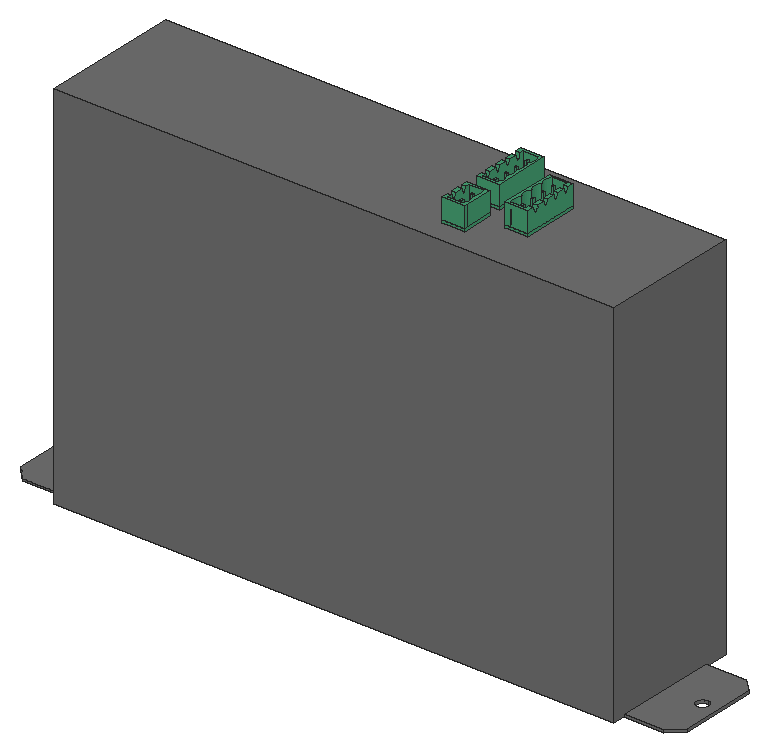
Revit family "БА220_RV17_LOD400 (04.11.23)", category Электрооборудование, Revit 2017
Family settings
  Конфигурация панели = Два столбца, слева направо
  Размер круглого соединителя = Использовать диаметр
  Тип детали = Щит
  На основе рабочей плоскости = Да
  Всегда вертикально = Нет
  При загрузке вырезать с полостями = Нет
  Общий = Нет
  Точка расчета площади = Нет
Parameters (values of type "БА220")
  Смещение_УГО_Y [instance] = 0 mm
  Смещение_УГО_X [instance] = 0 mm
  Раздел проекта [instance] = ""
  Раздел Спецификации [instance] = ""
  Потребляемый ток, не более, А = 0.8 A
  Default Elevation = 1219.2 mm
  Напряжение = "220"
  Мощность = "50"
  Коэффициент усиления по напряжению Au, дБ = 34
  Количество аудиоканалов, шт = 2
  Долговременная выходная мощность, Вт = "2 х 25"
  Диапазон воспроизводимых частот, Гц = "20... 20000"
  Время непрерывной работы, ч = "круглосуточно"
  В_Смещение_УГО_Y [instance] = Смещение_УГО_Y + 2000 mm  # 2000 mm
  В_Смещение_УГО_X [instance] = Смещение_УГО_X + 2000 mm  # 2000 mm
  d_короба = 20 mm
  ADSK_Размер_Длина = 262 mm
  ADSK_Размер_Глубина = 155 mm
  ADSK_Размер_Высота = 55 mm
  ADSK_Примечание = ""
  ADSK_Наименование = "Трансляционный аудиоусилитель БА220"
  ADSK_Масса = 1.2
  ADSK_Марка = "СТВФ.426471.016"
  ADSK_Количество = 1
  ADSK_Завод-изготовитель = "ООО «Основа Безопасности»"  # constant formula
  ADSK_Единица измерения = "шт."  # constant formula
  ADSK_URL страницы изделия = "https://stilsoft.ru/products/ba220"
  ADSK_URL документации изделия = ""
Reference planes
  plane 1 "По центру (Вперед/Назад)": y = 0
  plane 2: z = 0
  plane 3 "По центру (Влево/Вправо)": x = 0
  plane 4: y = 2000
  plane 5: x = -2000
  plane 6: x = 0
  plane 7: y = 0
  plane 8: x = 131
  plane 9: x = -131
  plane 10: x = 110
  plane 11: x = -110
  plane 12: y = 27.5
  plane 13: y = -27.5
  plane 14: z = 155
Forms (mm)
  Extrusion 1, solid, material "По умолчанию", detail levels medium+fine
    sketch origin (0, 27.5, 0) x (0, -1, 0) y (1, 0, 0)
      loop
        line (55, -110) -> (55, 110) -> (0, 110) -> (0, -110) -> (55, -110)
    from 0 to 146
  Extrusion 2, solid, material "По умолчанию", detail levels medium+fine
    sketch origin (0, 27.5, 0) x (0, -1, 0) y (1, 0, 0)
      loop
        line (50, -110) -> (10, -110) -> (10, -125.964) -> (15.036, -131) -> (44.964, -131) -> (50, -125.964) -> (50, -110)
      loop
        circle (30, -125.065) r 2.432
      loop
        line (50, 110) -> (50, 125.964) -> (44.964, 131) -> (15.036, 131) -> (10, 125.964) -> (10, 110) -> (50, 110)
      loop
        circle (30, 125.065) r 2.432
    from 0 to 1
  Extrusion 3, solid, material "соединения", detail levels medium+fine
    sketch origin (42.726, 19.394, 146) x (0, 1, 0) y (-1, 0, 0)
      loop
        line (-28.234, -9.848) -> (-28.234, -18.848) -> (-6.234, -18.848) -> (-6.234, -9.848) -> (-28.234, -9.848)
    from 0 to 1
  Extrusion 4, solid, material "соединения", detail levels medium+fine
    sketch origin (42.726, 19.394, 146) x (0, 1, 0) y (-1, 0, 0)
      loop
        line (-28.234, -9.848) -> (-28.234, -18.848) -> (-6.234, -18.848) -> (-6.234, -11.801) -> (-6.234, -9.848) -> (-28.234, -9.848)
      loop
        arc (-7.263, -11.395) -> (-9.763, -10.688) -> (-12.263, -11.395) r 4.778
        arc (-12.263, -11.395) -> (-14.763, -10.688) -> (-17.263, -11.395) r 4.778
        arc (-17.263, -11.395) -> (-19.763, -10.688) -> (-22.263, -11.395) r 4.778
        arc (-22.263, -11.395) -> (-24.763, -10.688) -> (-27.263, -11.395) r 4.778
        line (-27.263, -11.395) -> (-27.263, -17.258) -> (-7.263, -17.258) -> (-7.263, -11.395)
    from 1 to 9
  Blend 5, solid, material "соединения", detail levels medium+fine
    base sketch origin (42.726, 19.394, 146) x (0, 1, 0) y (-1, 0, 0)
      loop
        circle (-24.763, -13.973) r 1.379
    top sketch origin (42.726, 19.394, 146) x (0, 1, 0) y (-1, 0, 0)
      loop
        circle (-24.763, -13.973) r 0.948
    from 1 to 3
  Blend 6, solid, material "соединения", detail levels medium+fine
    base sketch origin (42.726, 24.394, 146) x (0, 1, 0) y (-1, 0, 0)
      loop
        circle (-24.763, -13.973) r 1.379
    top sketch origin (42.726, 24.394, 146) x (0, 1, 0) y (-1, 0, 0)
      loop
        circle (-24.763, -13.973) r 0.948
    from 1 to 3
  Blend 7, solid, material "соединения", detail levels medium+fine
    base sketch origin (42.726, 29.394, 146) x (0, 1, 0) y (-1, 0, 0)
      loop
        circle (-24.763, -13.973) r 1.379
    top sketch origin (42.726, 29.394, 146) x (0, 1, 0) y (-1, 0, 0)
      loop
        circle (-24.763, -13.973) r 0.948
    from 1 to 3
  Blend 8, solid, material "соединения", detail levels medium+fine
    base sketch origin (42.726, 19.394, 146) x (0, 1, 0) y (-1, 0, 0)
      loop
        line (-25.215, -14.422) -> (-24.289, -14.422) -> (-24.289, -13.499) -> (-25.215, -13.499) -> (-25.215, -14.422)
    top sketch origin (42.726, 19.394, 146) x (0, 1, 0) y (-1, 0, 0)
      loop
        line (-25.145, -14.337) -> (-24.343, -14.337) -> (-24.343, -13.551) -> (-25.145, -13.551) -> (-25.145, -14.337)
    from 3 to 8
  Blend 9, solid, material "соединения", detail levels medium+fine
    base sketch origin (42.726, 24.394, 146) x (0, 1, 0) y (-1, 0, 0)
      loop
        line (-25.215, -14.422) -> (-24.289, -14.422) -> (-24.289, -13.499) -> (-25.215, -13.499) -> (-25.215, -14.422)
    top sketch origin (42.726, 24.394, 146) x (0, 1, 0) y (-1, 0, 0)
      loop
        line (-25.145, -14.337) -> (-24.343, -14.337) -> (-24.343, -13.551) -> (-25.145, -13.551) -> (-25.145, -14.337)
    from 3 to 8
  Blend 10, solid, material "соединения", detail levels medium+fine
    base sketch origin (42.726, 29.394, 146) x (0, 1, 0) y (-1, 0, 0)
      loop
        line (-25.215, -14.422) -> (-24.289, -14.422) -> (-24.289, -13.499) -> (-25.215, -13.499) -> (-25.215, -14.422)
    top sketch origin (42.726, 29.394, 146) x (0, 1, 0) y (-1, 0, 0)
      loop
        line (-25.145, -14.337) -> (-24.343, -14.337) -> (-24.343, -13.551) -> (-25.145, -13.551) -> (-25.145, -14.337)
    from 3 to 8
  Blend 11, void, detail levels medium+fine
    base sketch origin (42.726, 24.394, 146) x (0, 1, 0) y (-1, 0, 0)
      loop
        line (-15.72, -18.848) -> (-13.723, -18.848) -> (-13.723, -17.258) -> (-15.72, -17.258) -> (-15.72, -18.848)
    top sketch origin (42.726, 24.394, 146) x (0, 1, 0) y (-1, 0, 0)
      loop
        line (-15.213, -18.848) -> (-14.166, -18.848) -> (-14.166, -17.258) -> (-15.213, -17.258) -> (-15.213, -18.848)
    from 9 to 7
  Blend 12, solid, material "соединения", detail levels medium+fine
    base sketch origin (42.726, 34.394, 146) x (0, 1, 0) y (-1, 0, 0)
      loop
        circle (-24.763, -13.973) r 1.379
    top sketch origin (42.726, 34.394, 146) x (0, 1, 0) y (-1, 0, 0)
      loop
        circle (-24.763, -13.973) r 0.948
    from 1 to 3
  Blend 13, solid, material "соединения", detail levels medium+fine
    base sketch origin (42.726, 34.394, 146) x (0, 1, 0) y (-1, 0, 0)
      loop
        line (-25.215, -14.422) -> (-24.289, -14.422) -> (-24.289, -13.499) -> (-25.215, -13.499) -> (-25.215, -14.422)
    top sketch origin (42.726, 34.394, 146) x (0, 1, 0) y (-1, 0, 0)
      loop
        line (-25.145, -14.337) -> (-24.343, -14.337) -> (-24.343, -13.551) -> (-25.145, -13.551) -> (-25.145, -14.337)
    from 3 to 8
  Blend 14, void, detail levels medium+fine
    base sketch origin (42.726, 19.394, 146) x (0, 1, 0) y (-1, 0, 0)
      loop
        line (-15.72, -18.848) -> (-13.723, -18.848) -> (-13.723, -17.258) -> (-15.72, -17.258) -> (-15.72, -18.848)
    top sketch origin (42.726, 19.394, 146) x (0, 1, 0) y (-1, 0, 0)
      loop
        line (-15.213, -18.848) -> (-14.166, -18.848) -> (-14.166, -17.258) -> (-15.213, -17.258) -> (-15.213, -18.848)
    from 9 to 7
  Blend 15, void, detail levels medium+fine
    base sketch origin (42.726, 14.394, 146) x (0, 1, 0) y (-1, 0, 0)
      loop
        line (-15.72, -18.848) -> (-13.723, -18.848) -> (-13.723, -17.258) -> (-15.72, -17.258) -> (-15.72, -18.848)
    top sketch origin (42.726, 14.394, 146) x (0, 1, 0) y (-1, 0, 0)
      loop
        line (-15.213, -18.848) -> (-14.166, -18.848) -> (-14.166, -17.258) -> (-15.213, -17.258) -> (-15.213, -18.848)
    from 9 to 7
  Blend 16, void, detail levels medium+fine
    base sketch origin (42.726, 9.394, 146) x (0, 1, 0) y (-1, 0, 0)
      loop
        line (-15.72, -18.848) -> (-13.723, -18.848) -> (-13.723, -17.258) -> (-15.72, -17.258) -> (-15.72, -18.848)
    top sketch origin (42.726, 9.394, 146) x (0, 1, 0) y (-1, 0, 0)
      loop
        line (-15.213, -18.848) -> (-14.166, -18.848) -> (-14.166, -17.258) -> (-15.213, -17.258) -> (-15.213, -18.848)
    from 9 to 7
  Extrusion 17, solid, material "соединения", detail levels medium+fine
    sketch origin (54.236, 26.753, 146) x (0, 1, 0) y (-1, 0, 0)
      loop
        line (-28.234, 9.848) -> (-6.234, 9.848) -> (-6.234, 18.848) -> (-28.234, 18.848) -> (-28.234, 9.848)
    from 0 to 1
  Extrusion 18, solid, material "соединения", detail levels medium+fine
    sketch origin (54.236, 26.753, 146) x (0, 1, 0) y (-1, 0, 0)
      loop
        line (-28.234, 9.848) -> (-6.234, 9.848) -> (-6.234, 11.801) -> (-6.234, 18.848) -> (-28.234, 18.848) -> (-28.234, 9.848)
      loop
        line (-7.263, 11.395) -> (-7.263, 17.258) -> (-27.263, 17.258) -> (-27.263, 11.395)
        arc (-27.263, 11.395) -> (-24.763, 10.688) -> (-22.263, 11.395) r 4.778
        arc (-22.263, 11.395) -> (-19.763, 10.688) -> (-17.263, 11.395) r 4.778
        arc (-17.263, 11.395) -> (-14.763, 10.688) -> (-12.263, 11.395) r 4.778
        arc (-12.263, 11.395) -> (-9.763, 10.688) -> (-7.263, 11.395) r 4.778
    from 1 to 9
  Blend 19, solid, material "соединения", detail levels medium+fine
    base sketch origin (54.236, 26.753, 146) x (0, 1, 0) y (-1, 0, 0)
      loop
        circle (-24.763, 13.973) r 1.379
    top sketch origin (54.236, 26.753, 146) x (0, 1, 0) y (-1, 0, 0)
      loop
        circle (-24.763, 13.973) r 0.948
    from 1 to 3
  Blend 20, solid, material "соединения", detail levels medium+fine
    base sketch origin (54.236, 31.753, 146) x (0, 1, 0) y (-1, 0, 0)
      loop
        circle (-24.763, 13.973) r 1.379
    top sketch origin (54.236, 31.753, 146) x (0, 1, 0) y (-1, 0, 0)
      loop
        circle (-24.763, 13.973) r 0.948
    from 1 to 3
  Blend 21, solid, material "соединения", detail levels medium+fine
    base sketch origin (54.236, 36.753, 146) x (0, 1, 0) y (-1, 0, 0)
      loop
        circle (-24.763, 13.973) r 1.379
    top sketch origin (54.236, 36.753, 146) x (0, 1, 0) y (-1, 0, 0)
      loop
        circle (-24.763, 13.973) r 0.948
    from 1 to 3
  Blend 22, solid, material "соединения", detail levels medium+fine
    base sketch origin (54.236, 26.753, 146) x (0, 1, 0) y (-1, 0, 0)
      loop
        line (-25.215, 14.422) -> (-25.215, 13.499) -> (-24.289, 13.499) -> (-24.289, 14.422) -> (-25.215, 14.422)
    top sketch origin (54.236, 26.753, 146) x (0, 1, 0) y (-1, 0, 0)
      loop
        line (-25.145, 14.337) -> (-25.145, 13.551) -> (-24.343, 13.551) -> (-24.343, 14.337) -> (-25.145, 14.337)
    from 3 to 8
  Blend 23, solid, material "соединения", detail levels medium+fine
    base sketch origin (54.236, 31.753, 146) x (0, 1, 0) y (-1, 0, 0)
      loop
        line (-25.215, 14.422) -> (-25.215, 13.499) -> (-24.289, 13.499) -> (-24.289, 14.422) -> (-25.215, 14.422)
    top sketch origin (54.236, 31.753, 146) x (0, 1, 0) y (-1, 0, 0)
      loop
        line (-25.145, 14.337) -> (-25.145, 13.551) -> (-24.343, 13.551) -> (-24.343, 14.337) -> (-25.145, 14.337)
    from 3 to 8
  Blend 24, solid, material "соединения", detail levels medium+fine
    base sketch origin (54.236, 36.753, 146) x (0, 1, 0) y (-1, 0, 0)
      loop
        line (-25.215, 14.422) -> (-25.215, 13.499) -> (-24.289, 13.499) -> (-24.289, 14.422) -> (-25.215, 14.422)
    top sketch origin (54.236, 36.753, 146) x (0, 1, 0) y (-1, 0, 0)
      loop
        line (-25.145, 14.337) -> (-25.145, 13.551) -> (-24.343, 13.551) -> (-24.343, 14.337) -> (-25.145, 14.337)
    from 3 to 8
  Blend 25, void, detail levels medium+fine
    base sketch origin (54.236, 31.753, 146) x (0, 1, 0) y (-1, 0, 0)
      loop
        line (-15.72, 18.848) -> (-15.72, 17.258) -> (-13.723, 17.258) -> (-13.723, 18.848) -> (-15.72, 18.848)
    top sketch origin (54.236, 31.753, 146) x (0, 1, 0) y (-1, 0, 0)
      loop
        line (-15.213, 18.848) -> (-15.213, 17.258) -> (-14.166, 17.258) -> (-14.166, 18.848) -> (-15.213, 18.848)
    from 9 to 7
  Blend 26, solid, material "соединения", detail levels medium+fine
    base sketch origin (54.236, 41.753, 146) x (0, 1, 0) y (-1, 0, 0)
      loop
        circle (-24.763, 13.973) r 1.379
    top sketch origin (54.236, 41.753, 146) x (0, 1, 0) y (-1, 0, 0)
      loop
        circle (-24.763, 13.973) r 0.948
    from 1 to 3
  Blend 27, solid, material "соединения", detail levels medium+fine
    base sketch origin (54.236, 41.753, 146) x (0, 1, 0) y (-1, 0, 0)
      loop
        line (-25.215, 14.422) -> (-25.215, 13.499) -> (-24.289, 13.499) -> (-24.289, 14.422) -> (-25.215, 14.422)
    top sketch origin (54.236, 41.753, 146) x (0, 1, 0) y (-1, 0, 0)
      loop
        line (-25.145, 14.337) -> (-25.145, 13.551) -> (-24.343, 13.551) -> (-24.343, 14.337) -> (-25.145, 14.337)
    from 3 to 8
  Blend 28, void, detail levels medium+fine
    base sketch origin (54.236, 26.753, 146) x (0, 1, 0) y (-1, 0, 0)
      loop
        line (-15.72, 18.848) -> (-15.72, 17.258) -> (-13.723, 17.258) -> (-13.723, 18.848) -> (-15.72, 18.848)
    top sketch origin (54.236, 26.753, 146) x (0, 1, 0) y (-1, 0, 0)
      loop
        line (-15.213, 18.848) -> (-15.213, 17.258) -> (-14.166, 17.258) -> (-14.166, 18.848) -> (-15.213, 18.848)
    from 9 to 7
  Blend 29, void, detail levels medium+fine
    base sketch origin (54.236, 21.753, 146) x (0, 1, 0) y (-1, 0, 0)
      loop
        line (-15.72, 18.848) -> (-15.72, 17.258) -> (-13.723, 17.258) -> (-13.723, 18.848) -> (-15.72, 18.848)
    top sketch origin (54.236, 21.753, 146) x (0, 1, 0) y (-1, 0, 0)
      loop
        line (-15.213, 18.848) -> (-15.213, 17.258) -> (-14.166, 17.258) -> (-14.166, 18.848) -> (-15.213, 18.848)
    from 9 to 7
  Blend 30, void, detail levels medium+fine
    base sketch origin (54.236, 16.753, 146) x (0, 1, 0) y (-1, 0, 0)
      loop
        line (-15.72, 18.848) -> (-15.72, 17.258) -> (-13.723, 17.258) -> (-13.723, 18.848) -> (-15.72, 18.848)
    top sketch origin (54.236, 16.753, 146) x (0, 1, 0) y (-1, 0, 0)
      loop
        line (-15.213, 18.848) -> (-15.213, 17.258) -> (-14.166, 17.258) -> (-14.166, 18.848) -> (-15.213, 18.848)
    from 9 to 7
  Extrusion 31, solid, material "соединения", detail levels medium+fine
    sketch origin (54.236, 0.014, 146) x (0, 1, 0) y (-1, 0, 0)
      loop
        line (-18.493, 9.848) -> (-6.234, 9.848) -> (-6.234, 18.848) -> (-18.493, 18.848) -> (-18.493, 9.848)
    from 0 to 1
  Extrusion 32, solid, material "соединения", detail levels medium+fine
    sketch origin (54.236, 0.014, 146) x (0, 1, 0) y (-1, 0, 0)
      loop
        line (-6.234, 18.848) -> (-17.452, 18.848) -> (-18.493, 18.848) -> (-18.493, 9.848) -> (-17.452, 9.848) -> (-6.234, 9.848) -> (-6.234, 11.801) -> (-6.234, 18.848)
      loop
        line (-7.278, 11.417) -> (-7.278, 17.258) -> (-17.452, 17.258) -> (-17.452, 11.517)
        arc (-17.452, 11.517) -> (-14.898, 10.736) -> (-12.322, 11.444) r 4.791
        arc (-12.322, 11.444) -> (-9.803, 10.711) -> (-7.278, 11.417) r 4.78
    from 1 to 9
  Blend 33, solid, material "соединения", detail levels medium+fine
    base sketch origin (54.236, 10.014, 146) x (0, 1, 0) y (-1, 0, 0)
      loop
        circle (-24.763, 13.973) r 1.379
    top sketch origin (54.236, 10.014, 146) x (0, 1, 0) y (-1, 0, 0)
      loop
        circle (-24.763, 13.973) r 0.948
    from 1 to 3
  Blend 34, solid, material "соединения", detail levels medium+fine
    base sketch origin (54.236, 10.014, 146) x (0, 1, 0) y (-1, 0, 0)
      loop
        line (-25.215, 14.422) -> (-25.215, 13.499) -> (-24.289, 13.499) -> (-24.289, 14.422) -> (-25.215, 14.422)
    top sketch origin (54.236, 10.014, 146) x (0, 1, 0) y (-1, 0, 0)
      loop
        line (-25.145, 14.337) -> (-25.145, 13.551) -> (-24.343, 13.551) -> (-24.343, 14.337) -> (-25.145, 14.337)
    from 3 to 8
  Blend 35, void, detail levels medium+fine
    base sketch origin (54.236, 5.014, 146) x (0, 1, 0) y (-1, 0, 0)
      loop
        line (-15.72, 18.848) -> (-15.72, 17.258) -> (-13.723, 17.258) -> (-13.723, 18.848) -> (-15.72, 18.848)
    top sketch origin (54.236, 5.014, 146) x (0, 1, 0) y (-1, 0, 0)
      loop
        line (-15.213, 18.848) -> (-15.213, 17.258) -> (-14.166, 17.258) -> (-14.166, 18.848) -> (-15.213, 18.848)
    from 9 to 7
  Blend 36, solid, material "соединения", detail levels medium+fine
    base sketch origin (54.236, 15.014, 146) x (0, 1, 0) y (-1, 0, 0)
      loop
        circle (-24.763, 13.973) r 1.379
    top sketch origin (54.236, 15.014, 146) x (0, 1, 0) y (-1, 0, 0)
      loop
        circle (-24.763, 13.973) r 0.948
    from 1 to 3
  Blend 37, solid, material "соединения", detail levels medium+fine
    base sketch origin (54.236, 15.014, 146) x (0, 1, 0) y (-1, 0, 0)
      loop
        line (-25.215, 14.422) -> (-25.215, 13.499) -> (-24.289, 13.499) -> (-24.289, 14.422) -> (-25.215, 14.422)
    top sketch origin (54.236, 15.014, 146) x (0, 1, 0) y (-1, 0, 0)
      loop
        line (-25.145, 14.337) -> (-25.145, 13.551) -> (-24.343, 13.551) -> (-24.343, 14.337) -> (-25.145, 14.337)
    from 3 to 8
  Blend 38, void, detail levels medium+fine
    base sketch origin (54.236, 0.014, 146) x (0, 1, 0) y (-1, 0, 0)
      loop
        line (-15.72, 18.848) -> (-15.72, 17.258) -> (-13.723, 17.258) -> (-13.723, 18.848) -> (-15.72, 18.848)
    top sketch origin (54.236, 0.014, 146) x (0, 1, 0) y (-1, 0, 0)
      loop
        line (-15.213, 18.848) -> (-15.213, 17.258) -> (-14.166, 17.258) -> (-14.166, 18.848) -> (-15.213, 18.848)
    from 9 to 7
Cuts and joins
  Blend 11 cuts Extrusion 1
  Blend 11, Blend 14, Blend 15, Blend 16, Blend 25, Blend 28, Blend 29, Blend 30 cuts Extrusion 4
  Blend 25, Blend 28, Blend 29, Blend 30, Blend 35, Blend 38 cuts Extrusion 18
  Blend 35, Blend 38 cuts Extrusion 32
Dimensions and locks
  locked: plane 4 to plane 1 "По центру (Вперед/Назад)" at 2000
  locked: plane 5 to plane 3 "По центру (Влево/Вправо)" at 2000
  "В_Смещение_УГО_X": plane 5 to plane 6
  "В_Смещение_УГО_Y": plane 4 to plane 7
  "ADSK_Размер_Длина": plane 9 to plane 8
  "ADSK_Размер_Высота": plane 12 to plane 13
  "ADSK_Размер_Глубина": plane 14 to level
  aligned and locked: level to plane 2
Automatic sketch dimensions
  Extrusion 1 sketch curve to plane 1 "По центру (Вперед/Назад)" = 27.5 mm
  Extrusion 1 sketch curve to plane 11 = 0 mm
  Extrusion 1 sketch curve to plane 10 = 0 mm
  plane 1 "По центру (Вперед/Назад)" to Extrusion 1 sketch curve = 27.5 mm
  Extrusion 2 sketch curve to plane 11 = 0 mm
  Extrusion 2 sketch curve to plane 10 = 0 mm
  Extrusion 2 sketch curve to plane 8 = 0 mm
  Extrusion 2 sketch curve to plane 9 = 0 mm
  Extrusion 2 sketch curve to plane 1 "По центру (Вперед/Назад)" = 17.5 mm  (x2)
  Extrusion 2 sketch curve to Extrusion 2 sketch curve = 5.036 mm  (x4)
  Extrusion 2 sketch curve to plane 9 = 5.935 mm
  Extrusion 2 sketch curve to Extrusion 2 sketch curve = 14.964 mm  (x4)
  Extrusion 2 sketch curve to plane 8 = 5.935 mm
  Extrusion 2 sketch curve to plane 9 = 5.036 mm  (x2)
  Extrusion 2 sketch curve to plane 8 = 5.036 mm  (x2)
  plane 1 "По центру (Вперед/Назад)" to Extrusion 3 sketch curve = 8.84 mm
  Extrusion 3 sketch curve to plane 1 "По центру (Вперед/Назад)" = 13.16 mm
  Extrusion 3 sketch curve to plane 10 = 48.426 mm
  Extrusion 3 sketch curve to Extrusion 3 sketch curve = 9 mm
  plane 1 "По центру (Вперед/Назад)" to Extrusion 4 sketch curve = 8.84 mm
  Extrusion 4 sketch curve to Extrusion 4 sketch curve = 0.97 mm
  Extrusion 4 sketch curve to Extrusion 4 sketch curve = 2.5 mm  (x4)
  Extrusion 4 sketch curve to Extrusion 4 sketch curve = 5 mm  (x3)
  Extrusion 4 sketch curve to Extrusion 4 sketch curve = 1.03 mm
  Extrusion 4 sketch curve to plane 10 = 48.426 mm
  Extrusion 4 sketch curve to Extrusion 4 sketch curve = 1.589 mm
  Extrusion 4 sketch curve to Extrusion 4 sketch curve = 1.792 mm  (x3)
  Extrusion 4 sketch curve to Extrusion 4 sketch curve = 0 mm
  Extrusion 4 sketch curve to Extrusion 4 sketch curve = 3.665 mm
  Extrusion 4 sketch curve to Extrusion 4 sketch curve = 0.406 mm
  Extrusion 4 sketch curve to Extrusion 4 sketch curve = 4.071 mm
  Extrusion 4 sketch curve to Extrusion 4 sketch curve = 1.547 mm
  plane 1 "По центру (Вперед/Назад)" to Blend 5 sketch curve = 5.37 mm  (x2)
  Blend 5 sketch curve to plane 10 = 53.301 mm  (x2)
  plane 1 "По центру (Вперед/Назад)" to Blend 6 sketch curve = 0.37 mm  (x2)
  Blend 6 sketch curve to plane 10 = 53.301 mm  (x2)
  Blend 7 sketch curve to plane 1 "По центру (Вперед/Назад)" = 4.63 mm  (x2)
  Blend 7 sketch curve to plane 10 = 53.301 mm  (x2)
  plane 1 "По центру (Вперед/Назад)" to Blend 8 sketch curve = 5.822 mm
  Blend 8 sketch curve to Blend 8 sketch curve = 0.926 mm
  Blend 8 sketch curve to plane 10 = 52.852 mm
  Blend 8 sketch curve to Blend 8 sketch curve = 0.922 mm
  plane 1 "По центру (Вперед/Назад)" to Blend 8 sketch curve = 5.751 mm
  Blend 8 sketch curve to Blend 8 sketch curve = 0.802 mm
  Blend 8 sketch curve to plane 10 = 52.937 mm
  Blend 8 sketch curve to Blend 8 sketch curve = 0.786 mm
  plane 1 "По центру (Вперед/Назад)" to Blend 9 sketch curve = 0.822 mm
  Blend 9 sketch curve to Blend 9 sketch curve = 0.926 mm
  Blend 9 sketch curve to plane 10 = 52.852 mm
  Blend 9 sketch curve to Blend 9 sketch curve = 0.922 mm
  plane 1 "По центру (Вперед/Назад)" to Blend 9 sketch curve = 0.751 mm
  Blend 9 sketch curve to Blend 9 sketch curve = 0.802 mm
  Blend 9 sketch curve to plane 10 = 52.937 mm
  Blend 9 sketch curve to Blend 9 sketch curve = 0.786 mm
  Blend 10 sketch curve to plane 1 "По центру (Вперед/Назад)" = 4.178 mm
  Blend 10 sketch curve to Blend 10 sketch curve = 0.926 mm
  Blend 10 sketch curve to plane 10 = 52.852 mm
  Blend 10 sketch curve to Blend 10 sketch curve = 0.922 mm
  Blend 10 sketch curve to plane 1 "По центру (Вперед/Назад)" = 4.249 mm
  Blend 10 sketch curve to Blend 10 sketch curve = 0.802 mm
  Blend 10 sketch curve to plane 10 = 52.937 mm
  Blend 10 sketch curve to Blend 10 sketch curve = 0.786 mm
  Blend 11 sketch curve to plane 1 "По центру (Вперед/Назад)" = 8.674 mm
  Blend 11 sketch curve to Blend 11 sketch curve = 1.996 mm
  Blend 11 sketch curve to plane 10 = 48.426 mm  (x2)
  Blend 11 sketch curve to Blend 11 sketch curve = 1.589 mm  (x2)
  Blend 11 sketch curve to plane 1 "По центру (Вперед/Назад)" = 9.181 mm
  Blend 11 sketch curve to Blend 11 sketch curve = 1.047 mm
  Blend 12 sketch curve to plane 1 "По центру (Вперед/Назад)" = 9.63 mm  (x2)
  Blend 12 sketch curve to plane 10 = 53.301 mm  (x2)
  Blend 13 sketch curve to plane 1 "По центру (Вперед/Назад)" = 9.178 mm
  Blend 13 sketch curve to Blend 13 sketch curve = 0.926 mm
  Blend 13 sketch curve to plane 10 = 52.852 mm
  Blend 13 sketch curve to Blend 13 sketch curve = 0.922 mm
  Blend 13 sketch curve to plane 1 "По центру (Вперед/Назад)" = 9.249 mm
  Blend 13 sketch curve to Blend 13 sketch curve = 0.802 mm
  Blend 13 sketch curve to plane 10 = 52.937 mm
  Blend 13 sketch curve to Blend 13 sketch curve = 0.786 mm
  Blend 14 sketch curve to plane 1 "По центру (Вперед/Назад)" = 3.674 mm
  Blend 14 sketch curve to Blend 14 sketch curve = 1.996 mm
  Blend 14 sketch curve to plane 10 = 48.426 mm  (x2)
  Blend 14 sketch curve to Blend 14 sketch curve = 1.589 mm  (x2)
  Blend 14 sketch curve to plane 1 "По центру (Вперед/Назад)" = 4.181 mm
  Blend 14 sketch curve to Blend 14 sketch curve = 1.047 mm
  plane 1 "По центру (Вперед/Назад)" to Blend 15 sketch curve = 1.326 mm
  Blend 15 sketch curve to Blend 15 sketch curve = 1.996 mm
  Blend 15 sketch curve to plane 10 = 48.426 mm  (x2)
  Blend 15 sketch curve to Blend 15 sketch curve = 1.589 mm  (x2)
  plane 1 "По центру (Вперед/Назад)" to Blend 15 sketch curve = 0.819 mm
  Blend 15 sketch curve to Blend 15 sketch curve = 1.047 mm
  plane 1 "По центру (Вперед/Назад)" to Blend 16 sketch curve = 6.326 mm
  Blend 16 sketch curve to Blend 16 sketch curve = 1.996 mm
  Blend 16 sketch curve to plane 10 = 48.426 mm  (x2)
  Blend 16 sketch curve to Blend 16 sketch curve = 1.589 mm  (x2)
  plane 1 "По центру (Вперед/Назад)" to Blend 16 sketch curve = 5.819 mm
  Blend 16 sketch curve to Blend 16 sketch curve = 1.047 mm
  plane 1 "По центру (Вперед/Назад)" to Extrusion 17 sketch curve = 1.481 mm
  Extrusion 17 sketch curve to plane 1 "По центру (Вперед/Назад)" = 20.519 mm
  plane 3 "По центру (Влево/Вправо)" to Extrusion 17 sketch curve = 44.388 mm
  Extrusion 17 sketch curve to Extrusion 17 sketch curve = 9 mm
  plane 1 "По центру (Вперед/Назад)" to Extrusion 18 sketch curve = 1.481 mm
  Extrusion 18 sketch curve to Extrusion 18 sketch curve = 0.97 mm
  Extrusion 18 sketch curve to Extrusion 18 sketch curve = 2.5 mm  (x4)
  Extrusion 18 sketch curve to Extrusion 18 sketch curve = 5 mm  (x3)
  Extrusion 18 sketch curve to Extrusion 18 sketch curve = 1.03 mm
  plane 3 "По центру (Влево/Вправо)" to Extrusion 18 sketch curve = 44.388 mm
  Extrusion 18 sketch curve to Extrusion 18 sketch curve = 1.547 mm  (x2)
  Extrusion 18 sketch curve to Extrusion 18 sketch curve = 0.406 mm
  Extrusion 18 sketch curve to Extrusion 18 sketch curve = 4.071 mm  (x3)
  Extrusion 18 sketch curve to Extrusion 18 sketch curve = 0 mm
  Extrusion 18 sketch curve to Extrusion 18 sketch curve = 1.792 mm
  Extrusion 18 sketch curve to Extrusion 18 sketch curve = 1.589 mm
  Blend 19 sketch curve to plane 1 "По центру (Вперед/Назад)" = 1.989 mm  (x2)
  plane 3 "По центру (Влево/Вправо)" to Blend 19 sketch curve = 40.262 mm  (x2)
  Blend 20 sketch curve to plane 1 "По центру (Вперед/Назад)" = 6.989 mm  (x2)
  plane 3 "По центру (Влево/Вправо)" to Blend 20 sketch curve = 40.262 mm  (x2)
  Blend 21 sketch curve to plane 1 "По центру (Вперед/Назад)" = 11.989 mm  (x2)
  plane 3 "По центру (Влево/Вправо)" to Blend 21 sketch curve = 40.262 mm  (x2)
  Blend 22 sketch curve to plane 1 "По центру (Вперед/Назад)" = 1.537 mm
  Blend 22 sketch curve to Blend 22 sketch curve = 0.926 mm
  plane 3 "По центру (Влево/Вправо)" to Blend 22 sketch curve = 40.737 mm
  Blend 22 sketch curve to Blend 22 sketch curve = 0.922 mm
  Blend 22 sketch curve to plane 1 "По центру (Вперед/Назад)" = 1.608 mm
  Blend 22 sketch curve to Blend 22 sketch curve = 0.802 mm
  plane 3 "По центру (Влево/Вправо)" to Blend 22 sketch curve = 40.685 mm
  Blend 22 sketch curve to Blend 22 sketch curve = 0.786 mm
  Blend 23 sketch curve to plane 1 "По центру (Вперед/Назад)" = 6.537 mm
  Blend 23 sketch curve to Blend 23 sketch curve = 0.926 mm
  plane 3 "По центру (Влево/Вправо)" to Blend 23 sketch curve = 40.737 mm
  Blend 23 sketch curve to Blend 23 sketch curve = 0.922 mm
  Blend 23 sketch curve to plane 1 "По центру (Вперед/Назад)" = 6.608 mm
  Blend 23 sketch curve to Blend 23 sketch curve = 0.802 mm
  plane 3 "По центру (Влево/Вправо)" to Blend 23 sketch curve = 40.685 mm
  Blend 23 sketch curve to Blend 23 sketch curve = 0.786 mm
  Blend 24 sketch curve to plane 1 "По центру (Вперед/Назад)" = 11.537 mm
  Blend 24 sketch curve to Blend 24 sketch curve = 0.926 mm
  plane 3 "По центру (Влево/Вправо)" to Blend 24 sketch curve = 40.737 mm
  Blend 24 sketch curve to Blend 24 sketch curve = 0.922 mm
  Blend 24 sketch curve to plane 1 "По центру (Вперед/Назад)" = 11.608 mm
  Blend 24 sketch curve to Blend 24 sketch curve = 0.802 mm
  plane 3 "По центру (Влево/Вправо)" to Blend 24 sketch curve = 40.685 mm
  Blend 24 sketch curve to Blend 24 sketch curve = 0.786 mm
  Blend 25 sketch curve to plane 1 "По центру (Вперед/Назад)" = 16.033 mm
  Blend 25 sketch curve to Blend 25 sketch curve = 1.996 mm
  plane 3 "По центру (Влево/Вправо)" to Blend 25 sketch curve = 36.977 mm  (x2)
  Blend 25 sketch curve to Blend 25 sketch curve = 1.589 mm  (x2)
  Blend 25 sketch curve to plane 1 "По центру (Вперед/Назад)" = 16.539 mm
  Blend 25 sketch curve to Blend 25 sketch curve = 1.047 mm
  Blend 26 sketch curve to plane 1 "По центру (Вперед/Назад)" = 16.989 mm  (x2)
  plane 3 "По центру (Влево/Вправо)" to Blend 26 sketch curve = 40.262 mm  (x2)
  Blend 27 sketch curve to plane 1 "По центру (Вперед/Назад)" = 16.537 mm
  Blend 27 sketch curve to Blend 27 sketch curve = 0.926 mm
  plane 3 "По центру (Влево/Вправо)" to Blend 27 sketch curve = 40.737 mm
  Blend 27 sketch curve to Blend 27 sketch curve = 0.922 mm
  Blend 27 sketch curve to plane 1 "По центру (Вперед/Назад)" = 16.608 mm
  Blend 27 sketch curve to Blend 27 sketch curve = 0.802 mm
  plane 3 "По центру (Влево/Вправо)" to Blend 27 sketch curve = 40.685 mm
  Blend 27 sketch curve to Blend 27 sketch curve = 0.786 mm
  Blend 28 sketch curve to plane 1 "По центру (Вперед/Назад)" = 11.033 mm
  Blend 28 sketch curve to Blend 28 sketch curve = 1.996 mm
  plane 3 "По центру (Влево/Вправо)" to Blend 28 sketch curve = 36.977 mm  (x2)
  Blend 28 sketch curve to Blend 28 sketch curve = 1.589 mm  (x2)
  Blend 28 sketch curve to plane 1 "По центру (Вперед/Назад)" = 11.539 mm
  Blend 28 sketch curve to Blend 28 sketch curve = 1.047 mm
  Blend 29 sketch curve to plane 1 "По центру (Вперед/Назад)" = 6.033 mm
  Blend 29 sketch curve to Blend 29 sketch curve = 1.996 mm
  plane 3 "По центру (Влево/Вправо)" to Blend 29 sketch curve = 36.977 mm  (x2)
  Blend 29 sketch curve to Blend 29 sketch curve = 1.589 mm  (x2)
  Blend 29 sketch curve to plane 1 "По центру (Вперед/Назад)" = 6.539 mm
  Blend 29 sketch curve to Blend 29 sketch curve = 1.047 mm
  Blend 30 sketch curve to plane 1 "По центру (Вперед/Назад)" = 1.033 mm
  Blend 30 sketch curve to Blend 30 sketch curve = 1.996 mm
  plane 3 "По центру (Влево/Вправо)" to Blend 30 sketch curve = 36.977 mm  (x2)
  Blend 30 sketch curve to Blend 30 sketch curve = 1.589 mm  (x2)
  Blend 30 sketch curve to plane 1 "По центру (Вперед/Назад)" = 1.539 mm
  Blend 30 sketch curve to Blend 30 sketch curve = 1.047 mm
  plane 1 "По центру (Вперед/Назад)" to Extrusion 31 sketch curve = 18.48 mm
  Extrusion 31 sketch curve to Extrusion 31 sketch curve = 12.26 mm
  plane 3 "По центру (Влево/Вправо)" to Extrusion 31 sketch curve = 44.388 mm
  Extrusion 31 sketch curve to Extrusion 31 sketch curve = 9 mm
  plane 1 "По центру (Вперед/Назад)" to Extrusion 32 sketch curve = 18.48 mm
  Extrusion 32 sketch curve to Extrusion 32 sketch curve = 1.041 mm  (x3)
  Extrusion 32 sketch curve to Extrusion 32 sketch curve = 2.623 mm
  Extrusion 32 sketch curve to Extrusion 32 sketch curve = 5.051 mm
  Extrusion 32 sketch curve to Extrusion 32 sketch curve = 2.501 mm
  Extrusion 32 sketch curve to Extrusion 32 sketch curve = 1.044 mm
  plane 3 "По центру (Влево/Вправо)" to Extrusion 32 sketch curve = 44.388 mm
  Extrusion 32 sketch curve to Extrusion 32 sketch curve = 1.57 mm
  Extrusion 32 sketch curve to Extrusion 32 sketch curve = 1.669 mm
  Extrusion 32 sketch curve to Extrusion 32 sketch curve = 0.384 mm
  Extrusion 32 sketch curve to Extrusion 32 sketch curve = 4.073 mm
  Extrusion 32 sketch curve to Extrusion 32 sketch curve = 4.009 mm
  Extrusion 32 sketch curve to Extrusion 32 sketch curve = 1.732 mm
  Extrusion 32 sketch curve to Extrusion 32 sketch curve = 1.589 mm
  plane 1 "По центру (Вперед/Назад)" to Blend 33 sketch curve = 14.75 mm  (x2)
  plane 3 "По центру (Влево/Вправо)" to Blend 33 sketch curve = 40.262 mm  (x2)
  plane 1 "По центру (Вперед/Назад)" to Blend 34 sketch curve = 15.202 mm
  Blend 34 sketch curve to Blend 34 sketch curve = 0.926 mm
  plane 3 "По центру (Влево/Вправо)" to Blend 34 sketch curve = 40.737 mm
  Blend 34 sketch curve to Blend 34 sketch curve = 0.922 mm
  plane 1 "По центру (Вперед/Назад)" to Blend 34 sketch curve = 15.131 mm
  Blend 34 sketch curve to Blend 34 sketch curve = 0.802 mm
  plane 3 "По центру (Влево/Вправо)" to Blend 34 sketch curve = 40.685 mm
  Blend 34 sketch curve to Blend 34 sketch curve = 0.786 mm
  plane 1 "По центру (Вперед/Назад)" to Blend 35 sketch curve = 10.706 mm
  Blend 35 sketch curve to Blend 35 sketch curve = 1.996 mm
  plane 3 "По центру (Влево/Вправо)" to Blend 35 sketch curve = 36.977 mm  (x2)
  Blend 35 sketch curve to Blend 35 sketch curve = 1.589 mm  (x2)
  plane 1 "По центру (Вперед/Назад)" to Blend 35 sketch curve = 10.2 mm
  Blend 35 sketch curve to Blend 35 sketch curve = 1.047 mm
  plane 1 "По центру (Вперед/Назад)" to Blend 36 sketch curve = 9.75 mm  (x2)
  plane 3 "По центру (Влево/Вправо)" to Blend 36 sketch curve = 40.262 mm  (x2)
  plane 1 "По центру (Вперед/Назад)" to Blend 37 sketch curve = 10.202 mm
  Blend 37 sketch curve to Blend 37 sketch curve = 0.926 mm
  plane 3 "По центру (Влево/Вправо)" to Blend 37 sketch curve = 40.737 mm
  Blend 37 sketch curve to Blend 37 sketch curve = 0.922 mm
  plane 1 "По центру (Вперед/Назад)" to Blend 37 sketch curve = 10.131 mm
  Blend 37 sketch curve to Blend 37 sketch curve = 0.802 mm
  plane 3 "По центру (Влево/Вправо)" to Blend 37 sketch curve = 40.685 mm
  Blend 37 sketch curve to Blend 37 sketch curve = 0.786 mm
  plane 1 "По центру (Вперед/Назад)" to Blend 38 sketch curve = 15.706 mm
  Blend 38 sketch curve to Blend 38 sketch curve = 1.996 mm
  plane 3 "По центру (Влево/Вправо)" to Blend 38 sketch curve = 36.977 mm  (x2)
  Blend 38 sketch curve to Blend 38 sketch curve = 1.589 mm  (x2)
  plane 1 "По центру (Вперед/Назад)" to Blend 38 sketch curve = 15.2 mm
  Blend 38 sketch curve to Blend 38 sketch curve = 1.047 mm
  radius of Extrusion 2 sketch curve = 2.432 mm  (x2)
  radius of Blend 5 sketch curve = 1.379 mm
  radius of Blend 5 sketch curve = 0.948 mm
  radius of Blend 6 sketch curve = 1.379 mm
  radius of Blend 6 sketch curve = 0.948 mm
  radius of Blend 7 sketch curve = 1.379 mm
  radius of Blend 7 sketch curve = 0.948 mm
  radius of Blend 12 sketch curve = 1.379 mm
  radius of Blend 12 sketch curve = 0.948 mm
  radius of Blend 19 sketch curve = 1.379 mm
  radius of Blend 19 sketch curve = 0.948 mm
  radius of Blend 20 sketch curve = 1.379 mm
  radius of Blend 20 sketch curve = 0.948 mm
  radius of Blend 21 sketch curve = 1.379 mm
  radius of Blend 21 sketch curve = 0.948 mm
  radius of Blend 26 sketch curve = 1.379 mm
  radius of Blend 26 sketch curve = 0.948 mm
  radius of Blend 33 sketch curve = 1.379 mm
  radius of Blend 33 sketch curve = 0.948 mm
  radius of Blend 36 sketch curve = 1.379 mm
  radius of Blend 36 sketch curve = 0.948 mm
Connectors
  electrical at (110, 0, 73)
    settings: on cut or joined group of Extrusion 1, Blend 11, index 1, voltage 0 V, apparent load 0 VA, apparent load phase1 0 VA, apparent load phase2 0 VA, apparent load phase3 0 VA, power factor 1, load classification "Прочее", number of poles 1, system type 14, power factor state 1, is connector primary yes, connector utility no, sub classification motor no, connector description ""
  cabletrayconduit at (110, 0, 73), diameter 20, driven by "d_короба"
    settings: on cut or joined group of Extrusion 1, Blend 11, index 2, connector width 300 mm, connector height 300 mm, connector angle 0.00°, system type 32, placement type 0, profile type 0, connector reference index -1, is primary connector yes, connector utility param no, connector description ""
